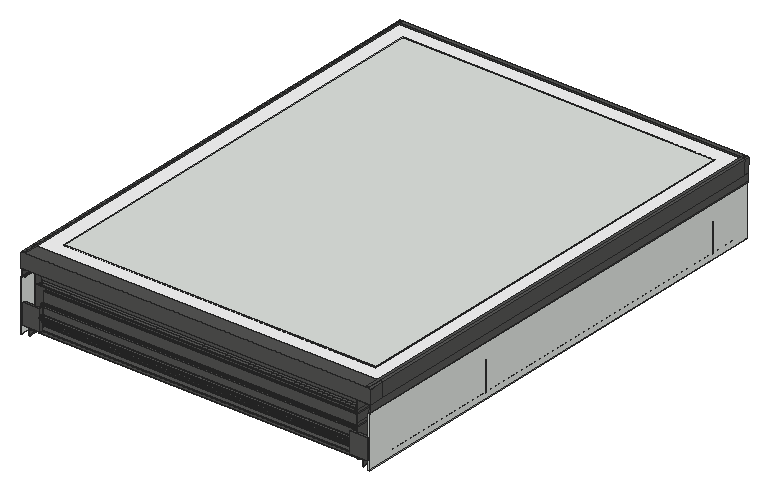
Revit family "Furniture-Lighted_Medicine_Cabinet-KOHLER-Grooming-K-33690_1", category Lighting Fixtures, host Face, Revit 2021
Family settings
  Host = Face
  Round Connector Dimension = Use Diameter
  Part Type = Normal
  OmniClass Number = 23.25.53.11.13.11
  OmniClass Title = Medicine Cabinet
  Cut with Voids When Loaded = No
  Light Source = Yes
  Shared = No
  Room Calculation Point = No
Parameters (values of type "Left Side, NA-Black")
  Width = 23.89764"  # constant formula
  Wattage Comments = "75W"  # constant formula
  Wattage = 8.75174 W
  WaterSense Certified = 1 = 0  # no
  built-in parameter 1150110 = 1 (stored number, unit not read)
  Voltage = 120 V  # constant formula
  URL = "http://www.us.kohler.com/us/"
  Type = 1
  built-in parameter 1114217 = 1 (stored number, unit not read)
  built-in parameter 1150109 = 1 (stored number, unit not read)
  built-in parameter 1150134 = (empty or 0)
  built-in parameter 1150113 = 1 (stored number, unit not read)
  Product Page URL = "http://www.us.kohler.com/us/catalog/productDetails.jsp?productNumber=33690-L"
  Product Name = "Grooming"  # constant formula
  Product Documentation Link = "https://www.us.kohler.com/webassets/kpna/catalog/pdf/en/K-33690-L_spec_US-CA_Kohler_en.pdf"
  Model = if(Type = 1, "K-33690-L-NA", if(Type = 2, "K-33690-R-NA", "NA"))  # "K-33690-L-NA"
  Material = "Aluminium"  # constant formula
  Master Format 2014 Name = "Storage Cabinets"  # constant formula
  Master Format 2014 = "41 53 13"  # constant formula
  Manufacturer Address = "444 Highland Dr, Kohler, WI 53044"  # constant formula
  Manufacturer = "Kohler Co."  # constant formula
  built-in parameter 1150105 = 413.8 (stored number, unit not read)
  Lumens = 1300 lm
  built-in parameter 1150115 = 1 (stored number, unit not read)
  Light Source Symbol Size = 3 15/16"  # constant formula
  built-in parameter 1150137 = (empty or 0)
  built-in parameter 1150139 = (empty or 0)
  built-in parameter 1150112 = 1 (stored number, unit not read)
  built-in parameter 1150114 = 1 (stored number, unit not read)
  Lamp = "LED"  # constant formula
  built-in parameter 1150132 = 2
  built-in parameter 1150102 = (empty or 0)
  built-in parameter 1150107 = 3000 (stored number, unit not read)
  built-in parameter 1150138 = (empty or 0)
  built-in parameter 1150106 = 4.138 (stored number, unit not read)
  Height = 31.69291"  # constant formula
  Hardware Included = 0 = 1  # no
  Finish = Kohler-Metal-NA-Black
  Environmental Product Declaration = ""
  Emit from Line Length = 24"
  Electrical Note = "One dedicated circuit required protected with Class A Ground-Fault Circuit-Interrupter (GFCI). Outside North America, this device may be known as a Residual Current Device (RCD)."  # constant formula
  Electrical Connector = 1 = 1  # yes
  built-in parameter 1150104 = 13.8 (stored number, unit not read)
  Dimming Lamp Color Temperature Shift = Incandescent Lamp Curve
  Description = if(Type = 1, "600mm Lighted Cabinet Left Open ", if(Type = 2, "600mm Lighted Cabinet Right Open", "NA"))  # "600mm Lighted Cabinet Left Open "
  Depth = 4 253/256"  # constant formula
  Default Elevation = 60"
  Declare Label = ""
  Date Modified = "06/05/2023"  # constant formula
  Date Created = "06/05/2023"  # constant formula
  Copyright = "Copyright Kohler Co."  # constant formula
  Contact Us = "https://www.us.kohler.com/us/static/contact.jsp"
  Color Filter = 16777215
  built-in parameter 1114218 = 1 (stored number, unit not read)
  built-in parameter 1150133 = 10 (stored number, unit not read)
  Assembly Code = "E2010"
  Apparent Load = 75 VA  # constant formula
  ADA Compliant = 1 = 0  # no
Reference planes (in)
  plane 1 "Center (Front/Back)": y = 0
  plane 2: z = 0
  plane 3 "Center (Left/Right)": x = 0
  plane 4: y = 15.15701
  plane 5: y = -14.42961
  plane 6: x = 11.25
  plane 7: y = 15.84646
  plane 8: y = -15.84646
  plane 9: x = -12.00781
  plane 10: y = -7.85433
  plane 11: y = -8.04724
  plane 12: x = -12
  plane 13: z = 0
  plane 14: z = 0
  plane 15: y = -15.73819
  plane 16: y = 15.73819
  plane 17: y = 14.93309
  plane 18: z = 1.99565
  plane 19: x = -11.25
  plane 20: z = 5.07814
  plane 21: z = 5.27499
  plane 22: z = 4.87546
  plane 23: z = 3.40551
  plane 24: z = 3.1486
  plane 25: x = -11.9494
  plane 26: z = 0.00002
  plane 27: y = -11.94685
  plane 28: y = 5.04331
  plane 29: z = 6.65354
  plane 30: z = 6.10238
  plane 31: x = 11.33984
  plane 32: z = 1.1141
  plane 33: x = 11.88983
Forms (in)
  Extrusion 1, solid, material "Kohler-Metal-NA-Black" <- "Finish", detail levels medium+fine
    sketch origin (-11.01572, 14.93309, 0.23887) x (0, 0, 1) y (1, 0, 0)
      loop
        circle (1.57047, 11.01572) r 0.19685
    from -0.11811 to 0
Dimensions and locks (in)
  "Height": plane 7 to plane 8
  plane 15 to plane 16 = 31.47638"
  plane 7 to plane 10 = 23.70079"
  plane 11 to plane 8 = 7.79921"
  plane 9 to plane 3 "Center (Left/Right)" = 12 1/128"
  equal spacing: plane 16, plane 1 "Center (Front/Back)", plane 15
  plane 19 to plane 3 "Center (Left/Right)" to plane 6 = 11 1/4", 11 1/4"
  plane 20 to plane 26 = 5 5/64"
  "Depth": plane 32 to plane 30
  "Width": plane 9 to plane 33
  plane 32 to plane 30 = 4 253/256"
  aligned and locked: plane 2 to host face
  aligned and locked: level to host face
  aligned and locked: nested 1 to plane 3 "Center (Left/Right)"
  aligned and locked: plane 1 "Center (Front/Back)" to nested 1
  aligned and locked: plane 5 to imposter light
  aligned and locked: plane 1 "Center (Front/Back)" to nested 2
  aligned and locked: plane 17 to Extrusion 1
  aligned and locked: imposter light to plane 22
  aligned and locked: plane 22 to nested 3
  aligned and locked: plane 22 to nested 2
Automatic sketch dimensions
  host sketch curve to host sketch curve = 96"  (x2)
  Extrusion 1 sketch curve to plane 3 "Center (Left/Right)" = 0"
  Extrusion 1 sketch curve to plane 18 = 0.18632"
  radius of Extrusion 1 sketch curve = 0.19685"
Nested families (in)
  nested 1: "K-33690" at (17.91336, -15.84646, 0.00009), type "K-33690"
  nested 2: "Light_Point_Source" at (11.25, 0, 4.87546), type "Light_Point_Source"
  nested 3: "Light_Point_Source" at (-11.25, 0, 4.87546) x (-1, 0, 0) z (0, 0, 1), type "Light_Point_Source"
Connectors (in)
  electrical at (0, 14.93309, 1.80934), driven by "Voltage", driven by "Apparent Load", driven by "Electrical Connector", driven by "Electrical Note"
    settings: on Extrusion 1, index 1, voltage 120 V, apparent load 75 VA, apparent load phase1 0 VA, apparent load phase2 0 VA, apparent load phase3 0 VA, power factor 1, load classification "Lighting", number of poles 1, system type 30, power factor state 1, is connector primary yes, connector utility yes, sub classification motor no, connector description "One dedicated circuit required protected with Class A Ground-Fault Circuit-Interrupter (GFCI). Outside North America, this device may be known as a Residual Current Device (RCD)."
Definition of nested family "K-33690"
  Parameters (values of type "K-33690")
    Wattage = 9.2903 W
    built-in parameter 1150110 = 1 (stored number, unit not read)
    built-in parameter 1114217 = 1 (stored number, unit not read)
    built-in parameter 1150109 = 1 (stored number, unit not read)
    built-in parameter 1150134 = 3
    Surface Mount = yes
    built-in parameter 1150113 = 1 (stored number, unit not read)
    Material = none
    built-in parameter 1150105 = 439.27 (stored number, unit not read)
    Lumens = 1380 lm
    built-in parameter 1150115 = 1 (stored number, unit not read)
    Light Source Symbol Size = 3.93701"
    built-in parameter 1150137 = (empty or 0)
    built-in parameter 1150139 = (empty or 0)
    built-in parameter 1150112 = 1 (stored number, unit not read)
    built-in parameter 1150114 = 1 (stored number, unit not read)
    built-in parameter 1150132 = (empty or 0)
    built-in parameter 1150102 = (empty or 0)
    built-in parameter 1150107 = 3200 (stored number, unit not read)
    built-in parameter 1150138 = (empty or 0)
    built-in parameter 1150106 = 4.3927 (stored number, unit not read)
    Emit from Line Length = 23.62205"
    built-in parameter 1150104 = 13.8 (stored number, unit not read)
    Dimming Lamp Color Temperature Shift = (empty or 0)
    Default Elevation = 0"
    Color Filter = 16777215
    built-in parameter 1114218 = 1 (stored number, unit not read)
    built-in parameter 1150133 = 10 (stored number, unit not read)
  Reference planes (in)
    plane 1 "Center (Front/Back)": y = 0
    plane 2: z = 0
    plane 3 "Center (Left/Right)": x = 0
    plane 4: z = 4.94882
    plane 5: z = 3.40551
    plane 6: z = 3.96457
    plane 7: z = 4.16142
    plane 8: y = 31.69291
    plane 9: y = 15.84646
    plane 10: y = 31.58465
    plane 11: y = 0.10827
    plane 12: y = 7.99213
    plane 13: y = 7.79921
    plane 14: y = 3.89961
    plane 15: y = 20.88976
    plane 16: z = 5.53937
    plane 17: x = -29.92126
    plane 18: z = 4.31102
    plane 19: x = -6.02362
    plane 20: x = -12.00394
    plane 21: z = 4.98819
    plane 22: z = 4.00394
    plane 23 "light plane": z = 4.87598
    plane 24: y = 31.00347
    plane 25: x = -29.16336
    plane 26: y = 1.41685
    plane 27: x = -6.66336
    plane 28: x = -17.91336
    plane 29: z = 0
    plane 30: x = -18.24803
  Forms (in)
    Extrusion 1, solid, material <- "Material", detail levels medium+fine
      sketch origin (0, 0, 0) x (1, 0, 0) y (0, 0, 1)
        loop
          arc (-6.45669, 3.94488) -> (-6.46246, 3.9588) -> (-6.47638, 3.96457) r 0.01969
          line (-6.47638, 3.96457) -> (-7.42126, 3.96457)
          arc (-7.42126, 3.96457) -> (-7.43518, 3.9588) -> (-7.44094, 3.94488) r 0.01969
          line (-7.44094, 3.94488) -> (-7.44094, 0.85827)
          arc (-7.44094, 0.85827) -> (-7.43518, 0.84435) -> (-7.42126, 0.83858) r 0.01969
          line (-7.42126, 0.83858) -> (-7.26378, 0.83858)
          arc (-7.26378, 0.83858) -> (-7.24986, 0.83282) -> (-7.24409, 0.8189) r 0.01969
          line (-7.24409, 0.8189) -> (-7.24409, 0.46457)
          arc (-7.24409, 0.46457) -> (-7.24986, 0.45065) -> (-7.26378, 0.44488) r 0.01969
          line (-7.26378, 0.44488) -> (-7.42126, 0.44488)
          arc (-7.42126, 0.44488) -> (-7.43518, 0.43912) -> (-7.44094, 0.4252) r 0.01969
          line (-7.44094, 0.4252) -> (-7.44094, 0.3937)
          arc (-7.44094, 0.3937) -> (-7.43518, 0.37978) -> (-7.42126, 0.37402) r 0.01969
          line (-7.42126, 0.37402) -> (-7.03937, 0.37402)
          arc (-7.03937, 0.37402) -> (-7.02545, 0.36825) -> (-7.01969, 0.35433) r 0.01969
          line (-7.01969, 0.35433) -> (-7.01969, 0.04724)
          arc (-7.01969, 0.04724) -> (-7.01392, 0.03332) -> (-7, 0.02756) r 0.01969
          line (-7, 0.02756) -> (-6.9685, 0.02756)
          arc (-6.9685, 0.02756) -> (-6.95458, 0.03332) -> (-6.94882, 0.04724) r 0.01969
          line (-6.94882, 0.04724) -> (-6.94882, 0.4252)
          arc (-6.94882, 0.4252) -> (-6.95458, 0.43912) -> (-6.9685, 0.44488) r 0.01969
          line (-6.9685, 0.44488) -> (-7.15354, 0.44488)
          arc (-7.15354, 0.44488) -> (-7.16746, 0.45065) -> (-7.17323, 0.46457) r 0.01969
          line (-7.17323, 0.46457) -> (-7.17323, 0.51378) -> (-7.16142, 0.54623) -> (-7.16142, 0.73723) -> (-7.17323, 0.76969) -> (-7.17323, 0.88976)
          arc (-7.17323, 0.88976) -> (-7.17899, 0.90368) -> (-7.19291, 0.90945) r 0.01969
          line (-7.19291, 0.90945) -> (-7.35039, 0.90945)
          arc (-7.35039, 0.90945) -> (-7.36431, 0.91521) -> (-7.37008, 0.92913) r 0.01969
          line (-7.37008, 0.92913) -> (-7.37008, 1.07283) -> (-7.35827, 1.10529) -> (-7.35827, 1.29629) -> (-7.37008, 1.32874) -> (-7.37008, 2.26575) -> (-7.35827, 2.2982) -> (-7.35827, 2.4892) -> (-7.37008, 2.52165) -> (-7.37008, 3.04921) -> (-7.35827, 3.08166) -> (-7.35827, 3.27267) -> (-7.37008, 3.30512) -> (-7.37008, 3.87402)
          arc (-7.37008, 3.87402) -> (-7.36431, 3.88794) -> (-7.35039, 3.8937) r 0.01969
          line (-7.35039, 3.8937) -> (-6.54724, 3.8937)
          arc (-6.54724, 3.8937) -> (-6.53332, 3.88794) -> (-6.52756, 3.87402) r 0.01969
          line (-6.52756, 3.87402) -> (-6.52756, 3.61024) -> (-6.52756, 3.50394)
          arc (-6.52756, 3.50394) -> (-6.53332, 3.49002) -> (-6.54724, 3.48425) r 0.01969
          line (-6.54724, 3.48425) -> (-6.63386, 3.48425)
          arc (-6.63386, 3.48425) -> (-6.64778, 3.47849) -> (-6.65354, 3.46457) r 0.01969
          line (-6.65354, 3.46457) -> (-6.65354, 3.43307)
          arc (-6.65354, 3.43307) -> (-6.64778, 3.41915) -> (-6.63386, 3.41339) r 0.01969
          line (-6.63386, 3.41339) -> (-6.47638, 3.41339)
          arc (-6.47638, 3.41339) -> (-6.46246, 3.41915) -> (-6.45669, 3.43307) r 0.01969
          line (-6.45669, 3.43307) -> (-6.45669, 3.94488)
        loop
          line (-29.92126, 3.94488) -> (-29.92126, 3.43307)
          arc (-29.92126, 3.43307) -> (-29.91549, 3.41915) -> (-29.90157, 3.41339) r 0.01969
          line (-29.90157, 3.41339) -> (-29.74409, 3.41339)
          arc (-29.74409, 3.41339) -> (-29.73018, 3.41915) -> (-29.72441, 3.43307) r 0.01969
          line (-29.72441, 3.43307) -> (-29.72441, 3.46457)
          arc (-29.72441, 3.46457) -> (-29.73018, 3.47849) -> (-29.74409, 3.48425) r 0.01969
          line (-29.74409, 3.48425) -> (-29.83071, 3.48425)
          arc (-29.83071, 3.48425) -> (-29.84463, 3.49002) -> (-29.85039, 3.50394) r 0.01969
          line (-29.85039, 3.50394) -> (-29.85039, 3.72047) -> (-29.85039, 3.87402)
          arc (-29.85039, 3.87402) -> (-29.84463, 3.88794) -> (-29.83071, 3.8937) r 0.01969
          line (-29.83071, 3.8937) -> (-29.02756, 3.8937)
          arc (-29.02756, 3.8937) -> (-29.01364, 3.88794) -> (-29.00787, 3.87402) r 0.01969
          line (-29.00787, 3.87402) -> (-29.00787, 3.30512) -> (-29.01969, 3.27267) -> (-29.01969, 3.08166) -> (-29.00787, 3.04921) -> (-29.00787, 2.52165) -> (-29.01969, 2.4892) -> (-29.01969, 2.2982) -> (-29.00787, 2.26575) -> (-29.00787, 1.32874) -> (-29.01969, 1.29629) -> (-29.01969, 1.10529) -> (-29.00787, 1.07283) -> (-29.00787, 0.92913)
          arc (-29.00787, 0.92913) -> (-29.01364, 0.91521) -> (-29.02756, 0.90945) r 0.01969
          line (-29.02756, 0.90945) -> (-29.18504, 0.90945)
          arc (-29.18504, 0.90945) -> (-29.19896, 0.90368) -> (-29.20472, 0.88976) r 0.01969
          line (-29.20472, 0.88976) -> (-29.20472, 0.76969) -> (-29.21654, 0.73723) -> (-29.21654, 0.54623) -> (-29.20472, 0.51378) -> (-29.20472, 0.46457)
          arc (-29.20472, 0.46457) -> (-29.21049, 0.45065) -> (-29.22441, 0.44488) r 0.01969
          line (-29.22441, 0.44488) -> (-29.40945, 0.44488)
          arc (-29.40945, 0.44488) -> (-29.42337, 0.43912) -> (-29.42913, 0.4252) r 0.01969
          line (-29.42913, 0.4252) -> (-29.42913, 0.04724)
          arc (-29.42913, 0.04724) -> (-29.42337, 0.03332) -> (-29.40945, 0.02756) r 0.01969
          line (-29.40945, 0.02756) -> (-29.37795, 0.02756)
          arc (-29.37795, 0.02756) -> (-29.36403, 0.03332) -> (-29.35827, 0.04724) r 0.01969
          line (-29.35827, 0.04724) -> (-29.35827, 0.35433)
          arc (-29.35827, 0.35433) -> (-29.3525, 0.36825) -> (-29.33858, 0.37402) r 0.01969
          line (-29.33858, 0.37402) -> (-28.95669, 0.37402)
          arc (-28.95669, 0.37402) -> (-28.94277, 0.37978) -> (-28.93701, 0.3937) r 0.01969
          line (-28.93701, 0.3937) -> (-28.93701, 0.4252)
          arc (-28.93701, 0.4252) -> (-28.94277, 0.43912) -> (-28.95669, 0.44488) r 0.01969
          line (-28.95669, 0.44488) -> (-29.11417, 0.44488)
          arc (-29.11417, 0.44488) -> (-29.12809, 0.45065) -> (-29.13386, 0.46457) r 0.01969
          line (-29.13386, 0.46457) -> (-29.13386, 0.8189)
          arc (-29.13386, 0.8189) -> (-29.12809, 0.83282) -> (-29.11417, 0.83858) r 0.01969
          line (-29.11417, 0.83858) -> (-28.95669, 0.83858)
          arc (-28.95669, 0.83858) -> (-28.94277, 0.84435) -> (-28.93701, 0.85827) r 0.01969
          line (-28.93701, 0.85827) -> (-28.93701, 3.94488)
          arc (-28.93701, 3.94488) -> (-28.94277, 3.9588) -> (-28.95669, 3.96457) r 0.01969
          line (-28.95669, 3.96457) -> (-29.90157, 3.96457)
          arc (-29.90157, 3.96457) -> (-29.91549, 3.9588) -> (-29.92126, 3.94488) r 0.01969
      from -31.69291 to -0.13382
    Sweep 2, solid, visible <- "Surface Mount"
      path origin (-5.91339, 0, 0) x (0, 0, 1) y (0, -1, 0)
        loop
          line (3.40551, -31.69291) -> (3.40551, 0) -> (0, 0) -> (0, -31.69291) -> (3.40551, -31.69291)
      profile origin (-5.91339, 15.84646, 3.40551) x (0, 0, -1) y (1, 0, 0)
        loop
          line (0, -23.91114) -> (0, -23.98495) -> (0.02215, -24.0071) -> (0.13382, -24.0071) -> (0.13382, -23.88899) -> (0.02215, -23.88899) -> (0, -23.91114)
        loop
          line (0, -0.63927) -> (0.02215, -0.66142) -> (0.13382, -0.66142) -> (0.13382, -0.54331) -> (0.02215, -0.54331) -> (0, -0.56546) -> (0, -0.63927)
    Extrusion 3, solid, visible <- "Surface Mount"
      sketch origin (-5.91339, 0, 0) x (0, 0, 1) y (0, -1, 0)
        loop
          line (3.27169, -0.13382) -> (0.13382, -0.13382) -> (0.13382, -31.55909) -> (3.27169, -31.55909) -> (3.27169, -0.13382)
      from -24.00098 to -23.88287
    Extrusion 4, solid, visible <- "Surface Mount"
      sketch origin (5.35433, 0, 0) x (0, 0, 1) y (0, 1, 0)
        loop
          line (3.27169, 0.13382) -> (3.27169, 31.55909) -> (0.06377, 31.55909) -> (0.06377, 0.13382) -> (3.27169, 0.13382)
      from 11.81102 to 11.92913
    Extrusion 5, solid, material <- "Material", visible <- "Surface Mount", detail levels medium+fine
      sketch origin (5.35433, 0, 0) x (0, 0, 1) y (0, 1, 0)
        loop
          line (0.32677, 31.29921) -> (0.32677, 30.59055) -> (2.68898, 30.59055) -> (2.68898, 31.29921) -> (0.32677, 31.29921)
        loop
          line (2.68898, 12.20472) -> (0.32677, 12.20472) -> (0.32677, 11.49606) -> (2.68898, 11.49606) -> (2.68898, 12.20472)
        loop
          line (0.32677, 9.76378) -> (0.32677, 9.05512) -> (2.68898, 9.05512) -> (2.68898, 9.76378) -> (0.32677, 9.76378)
        loop
          line (2.68898, 28.85827) -> (0.32677, 28.85827) -> (0.32677, 28.14961) -> (2.68898, 28.14961) -> (2.68898, 28.85827)
      from 11.97169 to 11.92913
    Extrusion 6, solid, material <- "Material", detail levels medium+fine
      sketch origin (0, 0, 0) x (1, 0, 0) y (0, 1, 0)
        loop
          line (-6.5748, 0.7874) -> (-6.5748, 31.10236) -> (-6.94882, 31.10236) -> (-6.94882, 0.7874) -> (-6.5748, 0.7874)
        loop
          line (-28.97045, 0.78693) -> (-28.97045, 31.10189) -> (-29.32478, 31.10189) -> (-29.32478, 0.78693) -> (-28.97045, 0.78693)
      from 0.34252 to 0.37402
    Extrusion 7, solid, material <- "Material", visible <- "Surface Mount"
      sketch origin (-0.52287, 0, 0) x (1, 0, 0) y (0, 1, 0)
        loop
          line (-29.34018, 9.76529) -> (-29.34018, 9.05512) -> (-29.30081, 9.05512) -> (-29.30081, 9.76529)
          arc (-29.30081, 9.76529) -> (-29.29047, 9.79188) -> (-29.26487, 9.80451) r 0.03937
          line (-29.26487, 9.80451) -> (-28.64434, 9.8588)
          arc (-28.64434, 9.8588) -> (-28.59315, 9.88404) -> (-28.57246, 9.93724) r 0.07874
          line (-28.57246, 9.93724) -> (-28.57246, 11.32261)
          arc (-28.57246, 11.32261) -> (-28.59315, 11.3758) -> (-28.64434, 11.40105) r 0.07874
          line (-28.64434, 11.40105) -> (-29.26487, 11.45534)
          arc (-29.26487, 11.45534) -> (-29.29047, 11.46796) -> (-29.30081, 11.49456) r 0.03937
          line (-29.30081, 11.49456) -> (-29.30081, 12.20472) -> (-29.34018, 12.20472) -> (-29.34018, 11.49456)
          arc (-29.34018, 11.49456) -> (-29.31949, 11.44136) -> (-29.2683, 11.41612) r 0.07874
          line (-29.2683, 11.41612) -> (-28.64777, 11.36183)
          arc (-28.64777, 11.36183) -> (-28.62218, 11.3492) -> (-28.61183, 11.32261) r 0.03937
          line (-28.61183, 11.32261) -> (-28.61183, 9.93724)
          arc (-28.61183, 9.93724) -> (-28.62218, 9.91064) -> (-28.64777, 9.89802) r 0.03937
          line (-28.64777, 9.89802) -> (-29.2683, 9.84373)
          arc (-29.2683, 9.84373) -> (-29.31949, 9.81848) -> (-29.34018, 9.76529) r 0.07874
        loop
          line (-29.34018, 28.85978) -> (-29.34018, 28.14961) -> (-29.30081, 28.14961) -> (-29.30081, 28.85978)
          arc (-29.30081, 28.85978) -> (-29.29047, 28.88637) -> (-29.26487, 28.899) r 0.03937
          line (-29.26487, 28.899) -> (-28.64434, 28.95328)
          arc (-28.64434, 28.95328) -> (-28.59315, 28.97853) -> (-28.57246, 29.03173) r 0.07874
          line (-28.57246, 29.03173) -> (-28.57246, 30.41709)
          arc (-28.57246, 30.41709) -> (-28.59315, 30.47029) -> (-28.64434, 30.49553) r 0.07874
          line (-28.64434, 30.49553) -> (-29.26487, 30.54982)
          arc (-29.26487, 30.54982) -> (-29.29047, 30.56245) -> (-29.30081, 30.58904) r 0.03937
          line (-29.30081, 30.58904) -> (-29.30081, 31.29921) -> (-29.34018, 31.29921) -> (-29.34018, 30.58904)
          arc (-29.34018, 30.58904) -> (-29.31949, 30.53585) -> (-29.2683, 30.5106) r 0.07874
          line (-29.2683, 30.5106) -> (-28.64777, 30.45631)
          arc (-28.64777, 30.45631) -> (-28.62218, 30.44369) -> (-28.61183, 30.41709) r 0.03937
          line (-28.61183, 30.41709) -> (-28.61183, 29.03173)
          arc (-28.61183, 29.03173) -> (-28.62218, 29.00513) -> (-28.64777, 28.9925) r 0.03937
          line (-28.64777, 28.9925) -> (-29.2683, 28.93822)
          arc (-29.2683, 28.93822) -> (-29.31949, 28.91297) -> (-29.34018, 28.85978) r 0.07874
        loop
          arc (-5.99201, 9.76529) -> (-6.0127, 9.81848) -> (-6.06389, 9.84373) r 0.07874
          line (-6.06389, 9.84373) -> (-6.68442, 9.89802)
          arc (-6.68442, 9.89802) -> (-6.71002, 9.91064) -> (-6.72036, 9.93724) r 0.03937
          line (-6.72036, 9.93724) -> (-6.72036, 11.32261)
          arc (-6.72036, 11.32261) -> (-6.71002, 11.3492) -> (-6.68442, 11.36183) r 0.03937
          line (-6.68442, 11.36183) -> (-6.06389, 11.41612)
          arc (-6.06389, 11.41612) -> (-6.0127, 11.44136) -> (-5.99201, 11.49456) r 0.07874
          line (-5.99201, 11.49456) -> (-5.99201, 12.20472) -> (-6.03138, 12.20472) -> (-6.03138, 11.49456)
          arc (-6.03138, 11.49456) -> (-6.04173, 11.46796) -> (-6.06732, 11.45534) r 0.03937
          line (-6.06732, 11.45534) -> (-6.68785, 11.40105)
          arc (-6.68785, 11.40105) -> (-6.73904, 11.3758) -> (-6.75973, 11.32261) r 0.07874
          line (-6.75973, 11.32261) -> (-6.75973, 9.93724)
          arc (-6.75973, 9.93724) -> (-6.73904, 9.88404) -> (-6.68785, 9.8588) r 0.07874
          line (-6.68785, 9.8588) -> (-6.06732, 9.80451)
          arc (-6.06732, 9.80451) -> (-6.04173, 9.79188) -> (-6.03138, 9.76529) r 0.03937
          line (-6.03138, 9.76529) -> (-6.03138, 9.05512) -> (-5.99201, 9.05512) -> (-5.99201, 9.76529)
        loop
          arc (-5.99201, 28.85978) -> (-6.0127, 28.91297) -> (-6.06389, 28.93822) r 0.07874
          line (-6.06389, 28.93822) -> (-6.68442, 28.9925)
          arc (-6.68442, 28.9925) -> (-6.71002, 29.00513) -> (-6.72036, 29.03173) r 0.03937
          line (-6.72036, 29.03173) -> (-6.72036, 30.41709)
          arc (-6.72036, 30.41709) -> (-6.71002, 30.44369) -> (-6.68442, 30.45631) r 0.03937
          line (-6.68442, 30.45631) -> (-6.06389, 30.5106)
          arc (-6.06389, 30.5106) -> (-6.0127, 30.53585) -> (-5.99201, 30.58904) r 0.07874
          line (-5.99201, 30.58904) -> (-5.99201, 31.29921) -> (-6.03138, 31.29921) -> (-6.03138, 30.58904)
          arc (-6.03138, 30.58904) -> (-6.04173, 30.56245) -> (-6.06732, 30.54982) r 0.03937
          line (-6.06732, 30.54982) -> (-6.68785, 30.49553)
          arc (-6.68785, 30.49553) -> (-6.73904, 30.47029) -> (-6.75973, 30.41709) r 0.07874
          line (-6.75973, 30.41709) -> (-6.75973, 29.03173)
          arc (-6.75973, 29.03173) -> (-6.73904, 28.97853) -> (-6.68785, 28.95328) r 0.07874
          line (-6.68785, 28.95328) -> (-6.06732, 28.899)
          arc (-6.06732, 28.899) -> (-6.04173, 28.88637) -> (-6.03138, 28.85978) r 0.03937
          line (-6.03138, 28.85978) -> (-6.03138, 28.14961) -> (-5.99201, 28.14961) -> (-5.99201, 28.85978)
      from 0.32677 to 2.68898
    Extrusion 8, void
      sketch origin (-0.52287, 0, 0) x (1, 0, 0) y (0, 0, 1)
        loop
          line (-29.67477, 0.2464) -> (-28.93698, 0.2464) -> (-28.93698, 1.55158) -> (-29.67477, 1.55158) -> (-29.67477, 0.2464)
        loop
          line (-6.05193, 0.2464) -> (-6.05193, 1.55158) -> (-6.49682, 1.55158) -> (-6.49682, 0.2464) -> (-6.05193, 0.2464)
      from 0 to -32.37311
    Extrusion 9, solid, material <- "Material", detail levels coarse
      sketch origin (-18.89764, 0, 0) x (0, 1, 0) y (0, 0, 1)
        loop
          line (31.69291, 3.96457) -> (0.19685, 3.96457) -> (0.19685, 3.8937) -> (1.11022, 3.8937) -> (1.11022, 0.22086) -> (0.68898, 0.22086) -> (0.68898, 0) -> (0.75984, 0) -> (0.75984, 0.15) -> (31.12992, 0.15) -> (31.12992, 0) -> (31.20079, 0) -> (31.20079, 0.22086) -> (30.77955, 0.22086) -> (30.77955, 3.8937) -> (31.69291, 3.8937) -> (31.69291, 3.96457)
      from -10.03937 to 11.45669
    Sweep 10, solid
      path origin (-17.32283, 0, 0) x (1, 0, 0) y (0, 1, 0)
        loop
          line (-11.99604, 0.79874) -> (10.38191, 0.79874) -> (10.38191, 31.09008) -> (-11.99604, 31.09008) -> (-11.99604, 0.79874)
      profile origin (-18.1299, 0.79874, 0) x (0, 1, 0) y (0, 0, 1)
        loop
          line (0, 0.09612) -> (0, 0.02199) -> (0.02199, 0) -> (0.50337, 0) -> (0.50337, 0.11811) -> (0.02199, 0.11811) -> (0, 0.09612)
    Extrusion 11, solid
      sketch origin (-28.8155, 1.30212, 0) x (0, -1, 0) y (-1, 0, 0)
        loop
          line (0, 0) -> (-29.28459, 0) -> (-29.28459, -21.37121) -> (0, -21.37121) -> (0, 0)
      from 0 to -0.11811
    Extrusion 12, void
      sketch origin (-35.83465, 0, 0) x (0, 1, 0) y (0, 0, -1)
        loop
          circle (15.94488, -1.06353) r 0.57133
      from -6.88974 to -5.95279
    Extrusion 13, solid, material <- "Material"
      sketch origin (0, 0, 0) x (1, 0, 0) y (0, 0, 1)
        loop
          line (-6.4863, 4.98819) -> (-6.6813, 4.98819) -> (-6.6813, 4.94882) -> (-6.52407, 4.94882) -> (-6.52407, 4.81102) -> (-29.74365, 4.81102) -> (-29.74365, 4.94882) -> (-29.58642, 4.94882) -> (-29.58642, 4.98819) -> (-29.78142, 4.98819) -> (-29.86305, 4.90656) -> (-29.86305, 4.00394) -> (-6.40467, 4.00394) -> (-6.40467, 4.90656) -> (-6.4863, 4.98819)
      from -31.57321 to -0.07662
    Extrusion 14, solid, material <- "Material"
      sketch origin (0, 0, 0) x (1, 0, 0) y (0, 0, 1)
        loop
          line (-6.4863, 4.98819) -> (-29.78142, 4.98819) -> (-29.86305, 4.90656) -> (-29.86305, 4.00394) -> (-6.40467, 4.00394) -> (-6.40467, 4.90656) -> (-6.4863, 4.98819)
      from 0 to -0.95229
    Extrusion 15, solid, material <- "Material", detail levels medium+fine
      sketch origin (0, 31.69291, 0) x (1, 0, 0) y (0, 0, -1)
        loop
          line (-6.4863, -4.98819) -> (-6.40467, -4.90656) -> (-6.40467, -4.00394) -> (-29.86305, -4.00394) -> (-29.86305, -4.90656) -> (-29.78142, -4.98819) -> (-6.4863, -4.98819)
      from 0 to -0.27572
    Extrusion 16, solid
      sketch origin (0, 0, 0) x (1, 0, 0) y (0, 1, 0)
        loop
          line (-28.5925, 30.4326) -> (-28.5925, 1.98772) -> (-7.6673, 1.98772) -> (-7.6673, 30.4326) -> (-28.5925, 30.4326)
      from 4.82283 to 4.92913
    Sweep 17, solid
      path origin (0, 0, 4.92913) x (1, 0, 0) y (0, 1, 0)
        loop
          line (-29.73423, 0.84599) -> (-6.52557, 0.84599) -> (-6.52557, 31.57433) -> (-29.73423, 31.57433) -> (-29.73423, 0.84599)
      profile origin (-18.1299, 0.84599, 4.92913) x (0, 1, 0) y (0, 0, 1)
        loop
          line (0, 0) -> (0, -0.1063) -> (1.14173, -0.1063) -> (1.14173, 0) -> (0, 0)
        loop
          line (1.11811, -0.08268) -> (1.11811, -0.02362) -> (0.02362, -0.02362) -> (0.02362, -0.08268) -> (1.11811, -0.08268)
    Extrusion 18, solid, material <- "Material", detail levels medium+fine
      sketch origin (0, 0, 0) x (0, 1, 0) y (0, 0, 1)
        loop
          line (0.90551, 3.99045) -> (0.55118, 3.99045) -> (0.55118, 3.37234)
          arc (0.55118, 3.37234) -> (0.52235, 3.30274) -> (0.45276, 3.27391) r 0.09843
          line (0.45276, 3.27391) -> (0.21654, 3.27391)
          arc (0.21654, 3.27391) -> (0.20262, 3.26815) -> (0.19685, 3.25423) r 0.01969
          line (0.19685, 3.25423) -> (0.19685, 3.22273)
          arc (0.19685, 3.22273) -> (0.20262, 3.20881) -> (0.21654, 3.20305) r 0.01969
          line (0.21654, 3.20305) -> (0.43581, 3.20305)
          arc (0.43581, 3.20305) -> (0.46148, 3.19437) -> (0.47662, 3.1719) r 0.04231
          arc (0.47662, 3.1719) -> (0.48774, 3.14491) -> (0.50514, 3.12147) r 0.11811
          arc (0.50514, 3.12147) -> (0.53691, 3.11458) -> (0.55512, 3.1415) r 0.029
          arc (0.55512, 3.1415) -> (0.55154, 3.16502) -> (0.54111, 3.1864) r 0.07899
          arc (0.54111, 3.1864) -> (0.53883, 3.20987) -> (0.54712, 3.23194) r 0.05217
          arc (0.54712, 3.23194) -> (0.59055, 3.25521) -> (0.63399, 3.23194) r 0.05217
          arc (0.63399, 3.23194) -> (0.64256, 3.19906) -> (0.62907, 3.16787) r 0.05217
          arc (0.62907, 3.16787) -> (0.63023, 3.12215) -> (0.67596, 3.12147) r 0.03301
          arc (0.67596, 3.12147) -> (0.70804, 3.2151) -> (0.65762, 3.30027) r 0.11811
          arc (0.65762, 3.30027) -> (0.63148, 3.32976) -> (0.62205, 3.36802) r 0.08231
          line (0.62205, 3.36802) -> (0.62205, 3.91958) -> (0.83465, 3.91958) -> (0.83465, 2.65316)
          arc (0.83465, 2.65316) -> (0.8285, 2.63833) -> (0.81366, 2.63218) r 0.02098
          line (0.81366, 2.63218) -> (0.71654, 2.63218) -> (0.68903, 2.60467)
          arc (0.68903, 2.60467) -> (0.68025, 2.59153) -> (0.67717, 2.57604) r 0.0405
          line (0.67717, 2.57604) -> (0.67717, 1.96219)
          arc (0.67717, 1.96219) -> (0.66948, 1.94659) -> (0.65242, 1.94317) r 0.01969
          arc (0.65242, 1.94317) -> (0.59699, 1.94445) -> (0.54708, 1.9203) r 0.11811
          arc (0.54708, 1.9203) -> (0.54273, 1.87597) -> (0.58706, 1.87162) r 0.0315
          arc (0.58706, 1.87162) -> (0.67717, 1.82903) -> (0.58706, 1.78644) r 0.05512
          arc (0.58706, 1.78644) -> (0.54273, 1.78209) -> (0.54708, 1.73776) r 0.0315
          arc (0.54708, 1.73776) -> (0.59699, 1.71361) -> (0.65242, 1.71489) r 0.11811
          arc (0.65242, 1.71489) -> (0.66948, 1.71148) -> (0.67717, 1.69587) r 0.01969
          line (0.67717, 1.69587) -> (0.67717, 1.21486)
          arc (0.67717, 1.21486) -> (0.6714, 1.20094) -> (0.65748, 1.19517) r 0.01969
          line (0.65748, 1.19517) -> (0.61054, 1.19517)
          arc (0.61054, 1.19517) -> (0.59585, 1.20082) -> (0.58871, 1.21486) r 0.02195
          arc (0.58871, 1.21486) -> (0.50323, 1.27632) -> (0.40267, 1.24515) r 0.11811
          arc (0.40267, 1.24515) -> (0.39578, 1.21338) -> (0.4227, 1.19517) r 0.029
          arc (0.4227, 1.19517) -> (0.44183, 1.19823) -> (0.45905, 1.20711) r 0.06131
          arc (0.45905, 1.20711) -> (0.48682, 1.21513) -> (0.51314, 1.20317) r 0.04173
          arc (0.51314, 1.20317) -> (0.53642, 1.15974) -> (0.51314, 1.11631) r 0.05217
          arc (0.51314, 1.11631) -> (0.48783, 1.10622) -> (0.46061, 1.1072) r 0.06607
          arc (0.46061, 1.1072) -> (0.4435, 1.11983) -> (0.4227, 1.12431) r 0.05055
          arc (0.4227, 1.12431) -> (0.39578, 1.1061) -> (0.40267, 1.07433) r 0.029
          arc (0.40267, 1.07433) -> (0.49927, 1.04259) -> (0.58474, 1.09768) r 0.11811
          arc (0.58474, 1.09768) -> (0.5962, 1.11239) -> (0.61054, 1.12431) r 0.08638
          line (0.61054, 1.12431) -> (0.65748, 1.12431)
          arc (0.65748, 1.12431) -> (0.6714, 1.11854) -> (0.67717, 1.10462) r 0.01969
          line (0.67717, 1.10462) -> (0.67717, 0.97794)
          arc (0.67717, 0.97794) -> (0.66948, 0.96233) -> (0.65242, 0.95892) r 0.01969
          arc (0.65242, 0.95892) -> (0.59699, 0.9602) -> (0.54708, 0.93605) r 0.11811
          arc (0.54708, 0.93605) -> (0.54273, 0.89172) -> (0.58706, 0.88737) r 0.0315
          arc (0.58706, 0.88737) -> (0.67717, 0.84478) -> (0.58706, 0.80219) r 0.05512
          arc (0.58706, 0.80219) -> (0.54273, 0.79784) -> (0.54708, 0.75351) r 0.0315
          arc (0.54708, 0.75351) -> (0.59699, 0.72936) -> (0.65242, 0.73064) r 0.11811
          arc (0.65242, 0.73064) -> (0.66948, 0.72722) -> (0.67717, 0.71162) r 0.01969
          line (0.67717, 0.71162) -> (0.67717, 0.61643)
          arc (0.67717, 0.61643) -> (0.68293, 0.60251) -> (0.69685, 0.59675) r 0.01969
          line (0.69685, 0.59675) -> (0.81496, 0.59675)
          arc (0.81496, 0.59675) -> (0.82888, 0.59098) -> (0.83465, 0.57706) r 0.01969
          line (0.83465, 0.57706) -> (0.83465, 0.42352)
          arc (0.83465, 0.42352) -> (0.82888, 0.4096) -> (0.81496, 0.40383) r 0.01969
          line (0.81496, 0.40383) -> (0.43307, 0.40383)
          arc (0.43307, 0.40383) -> (0.41915, 0.39807) -> (0.41339, 0.38415) r 0.01969
          line (0.41339, 0.38415) -> (0.41339, 0.20305)
          arc (0.41339, 0.20305) -> (0.41915, 0.18913) -> (0.43307, 0.18336) r 0.01969
          line (0.43307, 0.18336) -> (0.46457, 0.18336)
          arc (0.46457, 0.18336) -> (0.47849, 0.18913) -> (0.48425, 0.20305) r 0.01969
          line (0.48425, 0.20305) -> (0.48425, 0.31328)
          arc (0.48425, 0.31328) -> (0.49002, 0.3272) -> (0.50394, 0.33297) r 0.01969
          line (0.50394, 0.33297) -> (0.88583, 0.33297)
          arc (0.88583, 0.33297) -> (0.89975, 0.33873) -> (0.90551, 0.35265) r 0.01969
          line (0.90551, 0.35265) -> (0.90551, 0.84675)
          arc (0.90551, 0.84675) -> (0.87598, 0.87628) -> (0.84646, 0.84675) r 0.02953
          line (0.84646, 0.84675) -> (0.84646, 0.6873)
          arc (0.84646, 0.6873) -> (0.84069, 0.67338) -> (0.82677, 0.66761) r 0.01969
          line (0.82677, 0.66761) -> (0.76772, 0.66761)
          arc (0.76772, 0.66761) -> (0.7538, 0.67338) -> (0.74803, 0.6873) r 0.01969
          line (0.74803, 0.6873) -> (0.74803, 2.54163)
          arc (0.74803, 2.54163) -> (0.7538, 2.55555) -> (0.76772, 2.56132) r 0.01969
          line (0.76772, 2.56132) -> (0.87598, 2.56132) -> (0.90551, 2.59084) -> (0.90551, 3.99045)
      from -29.00787 to -7.44094
    Extrusion 19, solid, material <- "Material", detail levels medium+fine
      sketch origin (0, 0, 0) x (1, 0, 0) y (0, 0, 1)
        loop
          line (-28.61024, 1.93533) -> (-29.80315, 1.93533) -> (-29.80315, 0.55738) -> (-28.61024, 0.55738) -> (-28.61024, 1.93533)
        loop
          line (-6.55512, 1.93533) -> (-7.76772, 1.93533) -> (-7.76772, 0.55738) -> (-6.55512, 0.55738) -> (-6.55512, 1.93533)
      from -0.19685 to 0
    Extrusion 20, solid, material <- "Material", detail levels medium+fine
      sketch origin (0, 31.64982, 0) x (0, -1, 0) y (0, 0, -1)
        loop
          line (0.90551, -3.99045) -> (0.90551, -2.59084) -> (0.87598, -2.56132) -> (0.76772, -2.56132)
          arc (0.76772, -2.56132) -> (0.7538, -2.55555) -> (0.74803, -2.54163) r 0.01969
          line (0.74803, -2.54163) -> (0.74803, -0.6873)
          arc (0.74803, -0.6873) -> (0.7538, -0.67338) -> (0.76772, -0.66761) r 0.01969
          line (0.76772, -0.66761) -> (0.82677, -0.66761)
          arc (0.82677, -0.66761) -> (0.84069, -0.67338) -> (0.84646, -0.6873) r 0.01969
          line (0.84646, -0.6873) -> (0.84646, -0.84675)
          arc (0.84646, -0.84675) -> (0.87598, -0.87628) -> (0.90551, -0.84675) r 0.02953
          line (0.90551, -0.84675) -> (0.90551, -0.35265)
          arc (0.90551, -0.35265) -> (0.89975, -0.33873) -> (0.88583, -0.33297) r 0.01969
          line (0.88583, -0.33297) -> (0.50394, -0.33297)
          arc (0.50394, -0.33297) -> (0.49002, -0.3272) -> (0.48425, -0.31328) r 0.01969
          line (0.48425, -0.31328) -> (0.48425, -0.20305)
          arc (0.48425, -0.20305) -> (0.47849, -0.18913) -> (0.46457, -0.18336) r 0.01969
          line (0.46457, -0.18336) -> (0.43307, -0.18336)
          arc (0.43307, -0.18336) -> (0.41915, -0.18913) -> (0.41339, -0.20305) r 0.01969
          line (0.41339, -0.20305) -> (0.41339, -0.38415)
          arc (0.41339, -0.38415) -> (0.41915, -0.39807) -> (0.43307, -0.40383) r 0.01969
          line (0.43307, -0.40383) -> (0.81496, -0.40383)
          arc (0.81496, -0.40383) -> (0.82888, -0.4096) -> (0.83465, -0.42352) r 0.01969
          line (0.83465, -0.42352) -> (0.83465, -0.57706)
          arc (0.83465, -0.57706) -> (0.82888, -0.59098) -> (0.81496, -0.59675) r 0.01969
          line (0.81496, -0.59675) -> (0.69685, -0.59675)
          arc (0.69685, -0.59675) -> (0.68293, -0.60251) -> (0.67717, -0.61643) r 0.01969
          line (0.67717, -0.61643) -> (0.67717, -0.71162)
          arc (0.67717, -0.71162) -> (0.66948, -0.72722) -> (0.65242, -0.73064) r 0.01969
          arc (0.65242, -0.73064) -> (0.59699, -0.72936) -> (0.54708, -0.75351) r 0.11811
          arc (0.54708, -0.75351) -> (0.54273, -0.79784) -> (0.58706, -0.80219) r 0.0315
          arc (0.58706, -0.80219) -> (0.67717, -0.84478) -> (0.58706, -0.88737) r 0.05512
          arc (0.58706, -0.88737) -> (0.54273, -0.89172) -> (0.54708, -0.93605) r 0.0315
          arc (0.54708, -0.93605) -> (0.59699, -0.9602) -> (0.65242, -0.95892) r 0.11811
          arc (0.65242, -0.95892) -> (0.66948, -0.96233) -> (0.67717, -0.97794) r 0.01969
          line (0.67717, -0.97794) -> (0.67717, -1.10462)
          arc (0.67717, -1.10462) -> (0.6714, -1.11854) -> (0.65748, -1.12431) r 0.01969
          line (0.65748, -1.12431) -> (0.61054, -1.12431)
          arc (0.61054, -1.12431) -> (0.5962, -1.11239) -> (0.58474, -1.09768) r 0.08638
          arc (0.58474, -1.09768) -> (0.49927, -1.04259) -> (0.40267, -1.07433) r 0.11811
          arc (0.40267, -1.07433) -> (0.39578, -1.1061) -> (0.4227, -1.12431) r 0.029
          arc (0.4227, -1.12431) -> (0.4435, -1.11983) -> (0.46061, -1.1072) r 0.05055
          arc (0.46061, -1.1072) -> (0.48783, -1.10622) -> (0.51314, -1.11631) r 0.06607
          arc (0.51314, -1.11631) -> (0.53642, -1.15974) -> (0.51314, -1.20317) r 0.05217
          arc (0.51314, -1.20317) -> (0.48682, -1.21513) -> (0.45905, -1.20711) r 0.04173
          arc (0.45905, -1.20711) -> (0.44183, -1.19823) -> (0.4227, -1.19517) r 0.06131
          arc (0.4227, -1.19517) -> (0.39578, -1.21338) -> (0.40267, -1.24515) r 0.029
          arc (0.40267, -1.24515) -> (0.50323, -1.27632) -> (0.58871, -1.21486) r 0.11811
          arc (0.58871, -1.21486) -> (0.59585, -1.20082) -> (0.61054, -1.19517) r 0.02195
          line (0.61054, -1.19517) -> (0.65748, -1.19517)
          arc (0.65748, -1.19517) -> (0.6714, -1.20094) -> (0.67717, -1.21486) r 0.01969
          line (0.67717, -1.21486) -> (0.67717, -1.69587)
          arc (0.67717, -1.69587) -> (0.66948, -1.71148) -> (0.65242, -1.71489) r 0.01969
          arc (0.65242, -1.71489) -> (0.59699, -1.71361) -> (0.54708, -1.73776) r 0.11811
          arc (0.54708, -1.73776) -> (0.54273, -1.78209) -> (0.58706, -1.78644) r 0.0315
          arc (0.58706, -1.78644) -> (0.67717, -1.82903) -> (0.58706, -1.87162) r 0.05512
          arc (0.58706, -1.87162) -> (0.54273, -1.87597) -> (0.54708, -1.9203) r 0.0315
          arc (0.54708, -1.9203) -> (0.59699, -1.94445) -> (0.65242, -1.94317) r 0.11811
          arc (0.65242, -1.94317) -> (0.66948, -1.94659) -> (0.67717, -1.96219) r 0.01969
          line (0.67717, -1.96219) -> (0.67717, -2.57604)
          arc (0.67717, -2.57604) -> (0.68025, -2.59153) -> (0.68903, -2.60467) r 0.0405
          line (0.68903, -2.60467) -> (0.71654, -2.63218) -> (0.81366, -2.63218)
          arc (0.81366, -2.63218) -> (0.8285, -2.63833) -> (0.83465, -2.65316) r 0.02098
          line (0.83465, -2.65316) -> (0.83465, -3.91958) -> (0.62205, -3.91958) -> (0.62205, -3.36802)
          arc (0.62205, -3.36802) -> (0.63148, -3.32976) -> (0.65762, -3.30027) r 0.08231
          arc (0.65762, -3.30027) -> (0.70804, -3.2151) -> (0.67596, -3.12147) r 0.11811
          arc (0.67596, -3.12147) -> (0.63023, -3.12215) -> (0.62907, -3.16787) r 0.03301
          arc (0.62907, -3.16787) -> (0.64256, -3.19906) -> (0.63399, -3.23194) r 0.05217
          arc (0.63399, -3.23194) -> (0.59055, -3.25521) -> (0.54712, -3.23194) r 0.05217
          arc (0.54712, -3.23194) -> (0.53883, -3.20987) -> (0.54111, -3.1864) r 0.05217
          arc (0.54111, -3.1864) -> (0.55154, -3.16502) -> (0.55512, -3.1415) r 0.07899
          arc (0.55512, -3.1415) -> (0.53691, -3.11458) -> (0.50514, -3.12147) r 0.029
          arc (0.50514, -3.12147) -> (0.48774, -3.14491) -> (0.47662, -3.1719) r 0.11811
          arc (0.47662, -3.1719) -> (0.46148, -3.19437) -> (0.43581, -3.20305) r 0.04231
          line (0.43581, -3.20305) -> (0.21654, -3.20305)
          arc (0.21654, -3.20305) -> (0.20262, -3.20881) -> (0.19685, -3.22273) r 0.01969
          line (0.19685, -3.22273) -> (0.19685, -3.25423)
          arc (0.19685, -3.25423) -> (0.20262, -3.26815) -> (0.21654, -3.27391) r 0.01969
          line (0.21654, -3.27391) -> (0.45276, -3.27391)
          arc (0.45276, -3.27391) -> (0.52235, -3.30274) -> (0.55118, -3.37234) r 0.09843
          line (0.55118, -3.37234) -> (0.55118, -3.99045) -> (0.90551, -3.99045)
      from -29.00787 to -7.44094
  Cuts and joins
    joined: Sweep 2, Extrusion 3, Extrusion 4
    Extrusion 12 cuts Extrusion 1
    Extrusion 8 cuts Extrusion 7
    joined: Sweep 10, Extrusion 11
  Lines and regions (in)
    Masking region 1
      outline origin (0, 0, 0) x (1, 0, 0) y (0, 1, 0)
        loop
          line (-29.92126, 31.69291) -> (-29.92126, 0.19638) -> (-29.86218, 0.19638) -> (-29.86218, 0) -> (-6.02362, 0) -> (-6.02362, 31.69291) -> (-29.92126, 31.69291)
    Masking region 2
      outline origin (0, 0, 0) x (1, 0, 0) y (0, 0, 1)
        loop
          line (-29.86279, 4.00394) -> (-28.8189, 4.00394) -> (-28.8189, 3.96457) -> (-17.91336, 3.96457) -> (-7.06751, 3.96457) -> (-7.06751, 4.00394) -> (-6.02362, 4.00394) -> (-6.02362, 4.89266)
          arc (-6.02362, 4.89266) -> (-6.02662, 4.90773) -> (-6.03515, 4.9205) r 0.03937
          line (-6.03515, 4.9205) -> (-6.09131, 4.97666)
          arc (-6.09131, 4.97666) -> (-6.10408, 4.98519) -> (-6.11915, 4.98819) r 0.03937
          line (-6.11915, 4.98819) -> (-17.91336, 4.98819) -> (-29.76726, 4.98819)
          arc (-29.76726, 4.98819) -> (-29.78233, 4.98519) -> (-29.7951, 4.97666) r 0.03937
          line (-29.7951, 4.97666) -> (-29.85126, 4.9205)
          arc (-29.85126, 4.9205) -> (-29.85979, 4.90773) -> (-29.86279, 4.89266) r 0.03937
          line (-29.86279, 4.89266) -> (-29.86279, 4.00394)
    Masking region 3
      outline origin (0, 0, 0) x (0, 1, 0) y (0, 0, 1)
        loop
          line (0, 4.9685) -> (0, 4.00394) -> (1.06908, 4.00394) -> (1.06908, 3.96457) -> (7.02264, 3.96457)
          arc (7.02264, 3.96457) -> (7.02357, 3.98425) -> (7.02441, 4.00394) r 3.93701
          line (7.02441, 4.00394) -> (10.62882, 4.00394) -> (10.62882, 3.96457) -> (13.07417, 3.96457) -> (13.07417, 4.00394) -> (19.41393, 4.00394) -> (19.41393, 3.96457) -> (22.3642, 3.96457) -> (22.3642, 4.00394) -> (22.85396, 4.00394) -> (22.85396, 3.96457) -> (23.64136, 3.96457) -> (23.64136, 4.00394) -> (26.52444, 4.00394) -> (26.52444, 3.96457) -> (28.96979, 3.96457) -> (28.96979, 4.00394) -> (31.69291, 4.00394) -> (31.69291, 4.9685)
          arc (31.69291, 4.9685) -> (31.68715, 4.98242) -> (31.67323, 4.98819) r 0.01969
          line (31.67323, 4.98819) -> (7.6811, 4.98819) -> (0.01969, 4.98819)
          arc (0.01969, 4.98819) -> (0.00577, 4.98242) -> (0, 4.9685) r 0.01969
    Masking region 4, visible <- "Surface Mount"
      outline origin (0, 0, 0) x (0, 1, 0) y (0, 0, 1)
        loop
          line (0.19685, 3.96457) -> (0.19685, 3.41339) -> (0.65679, 3.41339) -> (0.68898, 3.40551) -> (0.21884, 3.40551) -> (0.19685, 3.38352) -> (0.19685, 0.02199) -> (0.21884, 0) -> (31.67092, 0) -> (31.69291, 0.02199) -> (31.69291, 3.38352) -> (31.67092, 3.40551) -> (31.20079, 3.40551) -> (31.23297, 3.41339) -> (31.69291, 3.41339) -> (31.69291, 3.96457) -> (0.19685, 3.96457)
    Masking region 5
      outline origin (0, 0, 0) x (1, 0, 0) y (0, 0, 1)
        loop
          line (-17.91336, 3.96457) -> (-29.92126, 3.96457) -> (-29.92126, 3.43307)
          arc (-29.92126, 3.43307) -> (-29.91549, 3.41915) -> (-29.90157, 3.41339) r 0.01969
          line (-29.90157, 3.41339) -> (-29.74409, 3.41339)
          arc (-29.74409, 3.41339) -> (-29.73018, 3.41915) -> (-29.72441, 3.43307) r 0.01969
          line (-29.72441, 3.43307) -> (-29.72441, 3.46457)
          arc (-29.72441, 3.46457) -> (-29.73018, 3.47849) -> (-29.74409, 3.48425) r 0.01969
          line (-29.74409, 3.48425) -> (-29.83071, 3.48425)
          arc (-29.83071, 3.48425) -> (-29.84463, 3.49002) -> (-29.85039, 3.50394) r 0.01969
          line (-29.85039, 3.50394) -> (-29.85039, 3.61024)
          arc (-29.85039, 3.61024) -> (-29.84463, 3.62416) -> (-29.83071, 3.62992) r 0.01969
          line (-29.83071, 3.62992) -> (-29.74409, 3.62992)
          arc (-29.74409, 3.62992) -> (-29.73018, 3.63569) -> (-29.72441, 3.64961) r 0.01969
          line (-29.72441, 3.64961) -> (-29.72441, 3.6811)
          arc (-29.72441, 3.6811) -> (-29.73018, 3.69502) -> (-29.74409, 3.70079) r 0.01969
          line (-29.74409, 3.70079) -> (-29.83071, 3.70079)
          arc (-29.83071, 3.70079) -> (-29.84463, 3.70655) -> (-29.85039, 3.72047) r 0.01969
          line (-29.85039, 3.72047) -> (-29.85039, 3.87402)
          arc (-29.85039, 3.87402) -> (-29.84463, 3.88794) -> (-29.83071, 3.8937) r 0.01969
          line (-29.83071, 3.8937) -> (-29.02756, 3.8937)
          arc (-29.02756, 3.8937) -> (-29.01364, 3.88794) -> (-29.00787, 3.87402) r 0.01969
          line (-29.00787, 3.87402) -> (-29.00787, 2.68898) -> (-29.80315, 2.68898) -> (-29.80315, 3.38275) -> (-29.82591, 3.40551) -> (-29.8985, 3.40551) -> (-29.92126, 3.38275) -> (-29.92126, 0.02276) -> (-29.8985, 0) -> (-29.82591, 0) -> (-29.80315, 0.02276) -> (-29.80315, 0.32677) -> (-29.6928, 0.32677) -> (-29.6928, 1.54612) -> (-29.00787, 1.54612) -> (-29.00787, 1.51357) -> (-29.08942, 1.51357) -> (-29.30815, 1.23361) -> (-29.30815, 0.8912) -> (-29.21651, 0.77391) -> (-29.21651, 0.51378) -> (-29.20472, 0.46457)
          arc (-29.20472, 0.46457) -> (-29.21049, 0.45065) -> (-29.22441, 0.44488) r 0.01969
          line (-29.22441, 0.44488) -> (-29.40945, 0.44488)
          arc (-29.40945, 0.44488) -> (-29.42337, 0.43912) -> (-29.42913, 0.4252) r 0.01969
          line (-29.42913, 0.4252) -> (-29.42913, 0.04724)
          arc (-29.42913, 0.04724) -> (-29.42337, 0.03332) -> (-29.40945, 0.02756) r 0.01969
          line (-29.40945, 0.02756) -> (-29.37795, 0.02756)
          arc (-29.37795, 0.02756) -> (-29.36403, 0.03332) -> (-29.35827, 0.04724) r 0.01969
          line (-29.35827, 0.04724) -> (-29.35827, 0.35433)
          arc (-29.35827, 0.35433) -> (-29.3525, 0.36825) -> (-29.33858, 0.37402) r 0.01969
          line (-29.33858, 0.37402) -> (-29.33858, 0.34252) -> (-29.29691, 0.34252) -> (-29.3189, 0.32053) -> (-29.3189, 0.2464) -> (-29.29691, 0.22441) -> (-17.91336, 0.22441) -> (-6.64798, 0.22441) -> (-6.62598, 0.2464) -> (-6.62598, 0.32053) -> (-6.64798, 0.34252) -> (-6.6063, 0.34252) -> (-6.6063, 0.37402)
          arc (-6.6063, 0.37402) -> (-6.59238, 0.36825) -> (-6.58661, 0.35433) r 0.01969
          line (-6.58661, 0.35433) -> (-6.58661, 0.04724)
          arc (-6.58661, 0.04724) -> (-6.58085, 0.03332) -> (-6.56693, 0.02756) r 0.01969
          line (-6.56693, 0.02756) -> (-6.53543, 0.02756)
          arc (-6.53543, 0.02756) -> (-6.52151, 0.03332) -> (-6.51575, 0.04724) r 0.01969
          line (-6.51575, 0.04724) -> (-6.51575, 0.4252)
          arc (-6.51575, 0.4252) -> (-6.52151, 0.43912) -> (-6.53543, 0.44488) r 0.01969
          line (-6.53543, 0.44488) -> (-6.72047, 0.44488)
          arc (-6.72047, 0.44488) -> (-6.73439, 0.45065) -> (-6.74016, 0.46457) r 0.01969
          line (-6.74016, 0.46457) -> (-6.72837, 0.51378) -> (-6.72837, 0.77391) -> (-6.63673, 0.8912) -> (-6.63673, 1.23361) -> (-6.85546, 1.51357) -> (-6.93701, 1.51357) -> (-6.93701, 1.54612) -> (-6.25208, 1.54612) -> (-6.25208, 0.32677) -> (-6.14173, 0.32677) -> (-6.14173, 0.02276) -> (-6.11897, 0) -> (-6.04638, 0) -> (-6.02362, 0.02276) -> (-6.02362, 3.38275) -> (-6.04638, 3.40551) -> (-6.11897, 3.40551) -> (-6.14173, 3.38275) -> (-6.14173, 2.68898) -> (-6.93701, 2.68898) -> (-6.93701, 3.87402)
          arc (-6.93701, 3.87402) -> (-6.93124, 3.88794) -> (-6.91732, 3.8937) r 0.01969
          line (-6.91732, 3.8937) -> (-6.11417, 3.8937)
          arc (-6.11417, 3.8937) -> (-6.10025, 3.88794) -> (-6.09449, 3.87402) r 0.01969
          line (-6.09449, 3.87402) -> (-6.09449, 3.72047)
          arc (-6.09449, 3.72047) -> (-6.10025, 3.70655) -> (-6.11417, 3.70079) r 0.01969
          line (-6.11417, 3.70079) -> (-6.20079, 3.70079)
          arc (-6.20079, 3.70079) -> (-6.21471, 3.69502) -> (-6.22047, 3.6811) r 0.01969
          line (-6.22047, 3.6811) -> (-6.22047, 3.64961)
          arc (-6.22047, 3.64961) -> (-6.21471, 3.63569) -> (-6.20079, 3.62992) r 0.01969
          line (-6.20079, 3.62992) -> (-6.11417, 3.62992)
          arc (-6.11417, 3.62992) -> (-6.10025, 3.62416) -> (-6.09449, 3.61024) r 0.01969
          line (-6.09449, 3.61024) -> (-6.09449, 3.50394)
          arc (-6.09449, 3.50394) -> (-6.10025, 3.49002) -> (-6.11417, 3.48425) r 0.01969
          line (-6.11417, 3.48425) -> (-6.20079, 3.48425)
          arc (-6.20079, 3.48425) -> (-6.21471, 3.47849) -> (-6.22047, 3.46457) r 0.01969
          line (-6.22047, 3.46457) -> (-6.22047, 3.43307)
          arc (-6.22047, 3.43307) -> (-6.21471, 3.41915) -> (-6.20079, 3.41339) r 0.01969
          line (-6.20079, 3.41339) -> (-6.04331, 3.41339)
          arc (-6.04331, 3.41339) -> (-6.02939, 3.41915) -> (-6.02362, 3.43307) r 0.01969
          line (-6.02362, 3.43307) -> (-6.02362, 3.96457) -> (-17.91336, 3.96457)
        loop
          line (-29.08942, 0.61124) -> (-29.13383, 0.66808) -> (-29.13383, 0.46457)
          arc (-29.13383, 0.46457) -> (-29.12807, 0.45065) -> (-29.11415, 0.44488) r 0.01969
          line (-29.11415, 0.44488) -> (-28.95667, 0.44488)
          arc (-28.95667, 0.44488) -> (-28.94275, 0.43912) -> (-28.93698, 0.4252) r 0.01969
          line (-28.93698, 0.4252) -> (-28.93698, 0.61124) -> (-29.08942, 0.61124)
        loop
          line (-6.85546, 0.61124) -> (-7.0079, 0.61124) -> (-7.0079, 0.4252)
          arc (-7.0079, 0.4252) -> (-7.00213, 0.43912) -> (-6.98821, 0.44488) r 0.01969
          line (-6.98821, 0.44488) -> (-6.83073, 0.44488)
          arc (-6.83073, 0.44488) -> (-6.81681, 0.45065) -> (-6.81105, 0.46457) r 0.01969
          line (-6.81105, 0.46457) -> (-6.81105, 0.66808) -> (-6.85546, 0.61124)
    symbolic lines, visible <- "Surface Mount", detail levels medium+fine
      curve 1: line (0, 0.19685, 0.02285) -> (0, 31.69291, 0.02285)
      curve 2: line (0, 0.21884, 0) -> (0, 0.21884, 3.40551)
      curve 3: line (0, 0.19685, 3.38352) -> (0, 31.69291, 3.38352)
      curve 4: line (0, 0.68898, 3.40551) -> (0, 31.20079, 3.40551)
      curve 5: line (0, 0.65679, 3.41339) -> (0, 31.23297, 3.41339)
      curve 6: line (0, 0.19685, 3.43307) -> (0, 31.69291, 3.43307)
      curve 7: line (0, 0.19685, 3.94488) -> (0, 31.69291, 3.94488)
      curve 12: line (0, 22.85396, 3.96457) -> (0, 22.9135, 3.96457)
      curve 13: line (0, 23.58182, 3.96457) -> (0, 23.64136, 3.96457)
      curve 15: line (0, 31.67092, 3.40551) -> (0, 31.67092, 0)
      curve 17: arc (-28.93698, 0, 3.94488) -> (-28.94275, 0, 3.9588) -> (-28.95667, 0, 3.96457) r 0.01969
      curve 18: line (-28.93698, 0, 3.8937) -> (-7.0079, 0, 3.8937)
      curve 94: arc (-7.0079, 0, 3.94488) -> (-7.00213, 0, 3.9588) -> (-6.98821, 0, 3.96457) r 0.01969
      curve 132: line (-17.24404, 0, 1.31926) -> (-7.00785, 0, 1.31926)
      curve 133: line (-17.24404, 0, 1.23622) -> (-7.00785, 0, 1.23622)
      curve 134: line (-17.24404, 0, 1.16535) -> (-7.00785, 0, 1.16535)
      curve 135: line (-17.24404, 0, 1.08236) -> (-7.00785, 0, 1.08236)
      curve 136: line (-17.24404, 0, 1.31926) -> (-17.24404, 0, 1.08236)
      curve 137: line (-7.00785, 0, 0.4252) -> (-7.00785, 0, 0.22441)
      curve 138: arc (-6.98817, 0, 0.37402) -> (-7.00208, 0, 0.37978) -> (-7.00785, 0, 0.3937) r 0.01969
      curve 139: line (-6.60628, 0, 0.37402) -> (-6.98817, 0, 0.37402)
      curve 140: line (-7.00785, 0, 0.34252) -> (-6.62006, 0, 0.34252)
      curve 141: line (-6.62594, 0, 0.32053) -> (-7.00785, 0, 0.32053)
      curve 142: line (-6.62594, 0, 0.2464) -> (-7.00785, 0, 0.2464)
      curve 143: line (-6.64793, 0, 0.22441) -> (-6.64793, 0, 0.34252)
      curve 144: line (-6.97439, 0, 0.34252) -> (-6.97439, 0, 0.37402)
      curve 145: line (-7.00785, 0, 0.44488) -> (-29.05509, 0, 0.44488)
      curve 146: line (-7.00785, 0, 0.61124) -> (-7.00785, 0, 3.96457)
      curve 147: line (-6.93696, 0, 1.51357) -> (-6.93696, 0, 0.92817)
      curve 148: arc (-6.93696, 0, 0.92817) -> (-6.93087, 0, 0.91488) -> (-6.9173, 0, 0.90945) r 0.01969
      curve 149: line (-6.9173, 0, 0.90945) -> (-6.75982, 0, 0.90945)
      curve 150: arc (-6.75982, 0, 0.90945) -> (-6.7459, 0, 0.90368) -> (-6.74013, 0, 0.88976) r 0.01969
      curve 151: line (-6.74013, 0, 0.88976) -> (-6.74013, 0, 0.80371)
      curve 152: line (-6.83069, 0, 0.83858) -> (-6.98817, 0, 0.83858)
      curve 153: arc (-6.98817, 0, 0.83858) -> (-7.00208, 0, 0.84435) -> (-7.00785, 0, 0.85827) r 0.01969
      curve 154: arc (-6.811, 0, 0.8189) -> (-6.81677, 0, 0.83282) -> (-6.83069, 0, 0.83858) r 0.01969
      curve 155: line (-6.811, 0, 0.46457) -> (-6.811, 0, 0.8189)
      curve 156: line (-6.72832, 0, 0.77391) -> (-6.74013, 0, 0.80371)
      curve 157: line (-6.85541, 0, 1.51357) -> (-6.85541, 0, 0.90945)
      curve 158: line (-6.85541, 0, 0.61124) -> (-6.85541, 0, 0.83858)
      curve 159: line (-6.93696, 0, 2.68898) -> (-6.93696, 0, 1.54612)
      curve 160: line (-6.14169, 0, 0.32677) -> (-6.14169, 0, 2.68898)
      curve 161: line (-6.1732, 0, 0.32677) -> (-6.1732, 0, 2.68898)
      curve 162: line (-6.25203, 0, 1.54612) -> (-6.25203, 0, 2.68898)
      curve 163: line (-6.87418, 0, 1.54612) -> (-6.87418, 0, 2.68898)
      curve 164: line (-6.04634, 0, 0) -> (-6.04634, 0, 3.40551)
      curve 165: line (-6.11892, 0, 3.40551) -> (-6.11892, 0, 0)
      curve 166: line (-6.14169, 0, 0.02276) -> (-6.02357, 0, 0.02276)
      curve 167: line (-18.7008, 0, 1.31926) -> (-28.93698, 0, 1.31926)
      curve 168: line (-18.7008, 0, 1.23622) -> (-28.93698, 0, 1.23622)
      curve 169: line (-18.7008, 0, 1.16535) -> (-28.93698, 0, 1.16535)
      curve 170: line (-18.7008, 0, 1.08236) -> (-28.93698, 0, 1.08236)
      curve 171: line (-18.7008, 0, 1.31926) -> (-18.7008, 0, 1.08236)
      curve 172: line (-28.93698, 0, 0.4252) -> (-28.93698, 0, 0.22441)
      curve 173: arc (-28.95667, 0, 0.37402) -> (-28.94275, 0, 0.37978) -> (-28.93698, 0, 0.3937) r 0.01969
      curve 174: line (-29.33856, 0, 0.37402) -> (-28.95667, 0, 0.37402)
      curve 175: line (-28.93698, 0, 0.34252) -> (-29.32478, 0, 0.34252)
      curve 176: line (-29.3189, 0, 0.32053) -> (-28.93698, 0, 0.32053)
      curve 177: line (-29.3189, 0, 0.2464) -> (-28.93698, 0, 0.2464)
      curve 178: line (-29.29691, 0, 0.22441) -> (-29.29691, 0, 0.34252)
      curve 179: line (-28.97045, 0, 0.34252) -> (-28.97045, 0, 0.37402)
      curve 180: line (-28.93698, 0, 0.44488) -> (-6.88974, 0, 0.44488)
      curve 181: line (-29.00787, 0, 1.51357) -> (-29.00787, 0, 0.90945)
      curve 182: line (-29.00787, 0, 0.90945) -> (-29.18502, 0, 0.90945)
